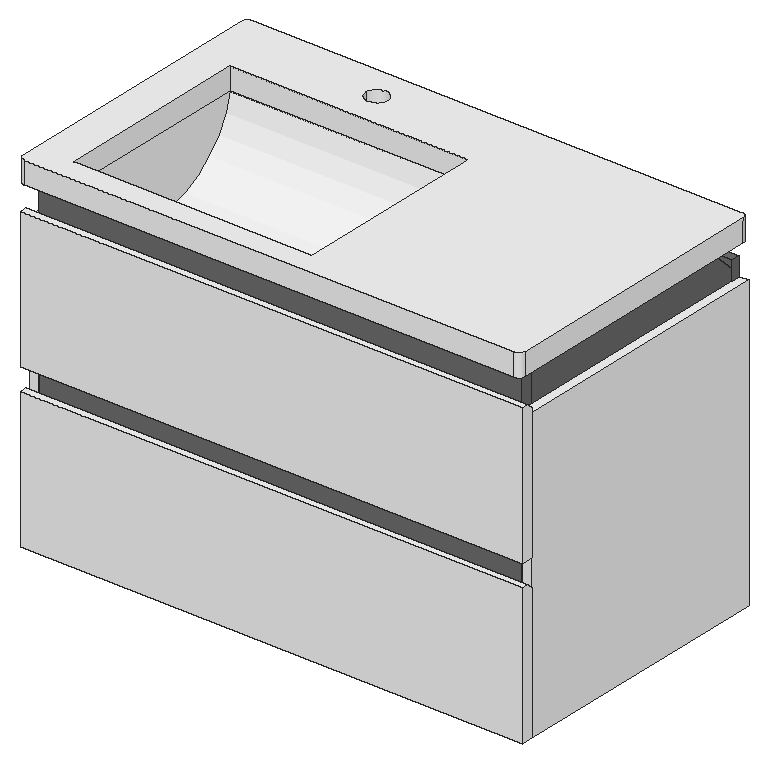
Revit family "138176861_Mueble Pontus Plus 80 cm con Lavamanos", category Furniture, Revit 2019
Family settings
  OmniClass Number = 23.31.13.11
  OmniClass Title = Single Sinks
  Work Plane-Based = No
  Always vertical = Yes
  Cut with Voids When Loaded = No
  Shared = No
  Room Calculation Point = No
Parameters
  URL = ""
  Resistencia a la humedad = "8%."  # constant formula
  Peso Neto aprox = "42,5 lb (19,3 kg)."  # constant formula
  Peso Bruto aprox = "52,0 lb (23,6 kg)."  # constant formula
  Model = "Pontus Plus 45"  # constant formula
  Material = Corona_Madera_Blanco
  Manufacturer = "Corona"  # constant formula
  Longitud = 450 mm
  Garantía Herraje = "1 Año"  # constant formula
  Garantía = "1 Año  (Madera)"  # constant formula
  Fecha de creación = "05/08/2020"  # constant formula
  Description = "Linea de Muebles Pontus Plus con acabado de pintura blanca brillante que da\r\nmayor amplitud a los espacios.\r\n· Dos cajones con 30Kg de resistencia.\r\n· Máxima capacidad de almacenamiento.\r\n· Lavamanos 100% en porcelana con superficie amplia de apoyo.\r\n· Resistentes a la humedad."  # constant formula
  Creado por = "IDD"  # constant formula
  Carga Máxima = "88,2 lb (40 kg)"  # constant formula
  Ancho = 800 mm
  Alto = 764 mm
  Acabado = Corona_Madera_Onix
Reference planes
  plane 1 "Center (Front/Back)": y = 0
  plane 2: z = 0
  plane 3 "Center (Left/Right)": x = 0
  plane 4 "Center L/S": x = 400
  plane 5 "Center L/T": x = -400
  plane 6 "Center L/U": y = -450
  plane 7 "Center L/V": x = -385
  plane 8 "Center L/W": x = 385
  plane 9 "Center L/Z": y = -432
  plane 10 "Center L/BB": y = -15
  plane 11 "Center L/CC": y = -225
  plane 12: z = 764
  plane 13: z = 257
  plane 14: z = 721
  plane 15: z = 242
  plane 16: z = 524
  plane 17: z = 424
  plane 18 "Center L/DD": x = 1
  plane 19 "Center L/EE": x = -1
  plane 20: z = 464
  plane 21: z = 499
  plane 22: z = 706
  plane 23: z = 736
  plane 24 "Center L/GG": y = -414
  plane 25 "Center L/HH": x = 370
  plane 26 "Center L/II": x = -370
Forms (mm)
  Extrusion 1, solid, not visible
    sketch origin (0, 0, -26) x (1, 0, 0) y (0, 0, 1)
      loop
        circle (-87.767, 550) r 10
    from 0 to 1
  Extrusion 2, solid, not visible
    sketch origin (-211, 0, -26) x (-1, 0, 0) y (0, 0, -1)
      loop
        circle (-298.767, -550) r 10
    from 0 to 1
  Extrusion 3, solid, not visible
    sketch origin (-87.767, 0, -126) x (-1, 0, 0) y (0, 0, -1)
      loop
        circle (-87.767, -550) r 10
    from 0 to 1
  Extrusion 4, solid, material "Corona_Madera_Blanco" <- "Material", detail levels medium+fine
    sketch origin (0, 0, 0) x (1, 0, 0) y (0, 1, 0)
      loop
        line (-400, 0) -> (-400, -432) -> (-385, -432) -> (-385, 0) -> (-400, 0)
    from 242 to 706
  Extrusion 5, solid, material "Corona_Madera_Blanco" <- "Material", detail levels medium+fine
    sketch origin (0, 0, 0) x (-1, 0, 0) y (0, -1, 0)
      loop
        line (-400, 0) -> (-385, 0) -> (-385, 432) -> (-400, 432) -> (-400, 0)
    from 242 to 706
  Extrusion 6, solid, material "Corona_Madera_Onix" <- "Acabado", detail levels medium+fine
    sketch origin (0, 0, 0) x (1, 0, 0) y (0, 1, 0)
      loop
        line (-385, 0) -> (-385, -15) -> (385, -15) -> (385, 0) -> (-385, 0)
    from 242 to 736
  Extrusion 7, solid, material "Corona_Madera_Blanco" <- "Material", detail levels medium+fine
    sketch origin (0, 0, 0) x (1, 0, 0) y (0, 1, 0)
      loop
        line (-385, -15) -> (-385, -432) -> (385, -432) -> (385, -15) -> (-385, -15)
    from 242 to 257
  Extrusion 8, solid, material "Corona_Madera_Blanco" <- "Material", detail levels coarse
    sketch origin (0, 0, 0) x (1, 0, 0) y (0, 1, 0)
      loop
        line (-400, 0) -> (-400, -450) -> (400, -450) -> (400, 0) -> (-400, 0)
    from 242 to 764
  Extrusion 9, solid, material "Corona_Porcelana_Sanitaria_Blanco", detail levels coarse
    sketch origin (0, 0, 0) x (1, 0, 0) y (0, 1, 0)
      loop
        line (-400, 0) -> (-400, -450) -> (400, -450) -> (400, 0) -> (-400, 0)
    from 764 to 799
  Extrusion 10, solid, material "Corona_Madera_Blanco" <- "Material", detail levels medium+fine
    sketch origin (0, 0, 0) x (0, 1, 0) y (0, 0, 1)
      loop
        line (-450, 242) -> (-432, 242) -> (-432, 457.273) -> (-438.727, 464) -> (-450, 464) -> (-450, 242)
      loop
        line (-450, 499) -> (-432, 499) -> (-432, 714.273) -> (-438.727, 721) -> (-450, 721) -> (-450, 499)
    from -400 to 400
  Extrusion 11, solid, material "Corona_Madera_Onix" <- "Acabado", detail levels medium+fine
    sketch origin (0, 0, 0) x (0, 1, 0) y (0, 0, 1)
      loop
        line (-414, 764) -> (-414, 706) -> (-15, 706) -> (-15, 724) -> (-55, 764) -> (-414, 764)
    from 370 to 385
  Extrusion 12, solid, material "Corona_Madera_Onix" <- "Acabado", detail levels medium+fine
    sketch origin (0, 0, 0) x (0, 1, 0) y (0, 0, -1)
      loop
        line (-414, -764) -> (-55, -764) -> (-15, -724) -> (-15, -706) -> (-414, -706) -> (-414, -764)
    from 370 to 385
  Extrusion 13, solid, material "Corona_Madera_Onix" <- "Acabado", detail levels medium+fine
    sketch origin (0, 0, 0) x (1, 0, 0) y (0, 1, 0)
      loop
        line (-385, -414) -> (-385, -432) -> (385, -432) -> (385, -414) -> (-385, -414)
    from 706 to 764
  Extrusion 14, solid, material "Corona_Madera_Onix" <- "Acabado", detail levels medium+fine
    sketch origin (0, 0, 0) x (1, 0, 0) y (0, 1, 0)
      loop
        line (-385, -414) -> (-385, -432) -> (385, -432) -> (385, -414) -> (-385, -414)
    from 457.273 to 499
Dimensions and locks
  equal spacing: plane 5 "Center L/T", plane 3 "Center (Left/Right)", plane 4 "Center L/S"
  "Ancho": plane 5 "Center L/T" to plane 4 "Center L/S"
  "Longitud": plane 6 "Center L/U" to plane 1 "Center (Front/Back)"
  plane 14 to plane 13 = 464 mm
  plane 12 to plane 15 = 522 mm
  locked: plane 13 to plane 15 at 15
  plane 12 to plane 14 = 43 mm
  "Alto": plane 12 to level
  locked: plane 7 "Center L/V" to plane 5 "Center L/T" at 15
  locked: plane 4 "Center L/S" to plane 8 "Center L/W" at 15
  plane 20 to plane 15 = 222 mm
  plane 21 to plane 20 = 35 mm
  plane 14 to plane 21 = 222 mm
  locked: plane 14 to plane 22 at 15
  locked: plane 23 to plane 14 at 15
  locked: plane 26 "Center L/II" to plane 7 "Center L/V" at 15
  locked: plane 8 "Center L/W" to plane 25 "Center L/HH" at 15
  aligned and locked: level to plane 2
  aligned and locked: Extrusion 4 sketch curve to plane 7 "Center L/V"
  aligned and locked: Extrusion 4 sketch curve to plane 9 "Center L/Z"
  aligned and locked: plane 5 "Center L/T" to Extrusion 4 sketch curve
  aligned and locked: plane 1 "Center (Front/Back)" to Extrusion 4 sketch curve
  aligned and locked: plane 9 "Center L/Z" to Extrusion 5
  aligned and locked: plane 4 "Center L/S" to Extrusion 5
  aligned and locked: Extrusion 5 to plane 8 "Center L/W"
  aligned and locked: Extrusion 5 to plane 1 "Center (Front/Back)"
  aligned and locked: Extrusion 6 sketch curve to plane 8 "Center L/W"
  aligned and locked: plane 1 "Center (Front/Back)" to Extrusion 6 sketch curve
  aligned and locked: Extrusion 6 sketch curve to plane 10 "Center L/BB"
  aligned and locked: plane 7 "Center L/V" to Extrusion 6 sketch curve
  aligned and locked: Extrusion 6 to plane 15
  aligned and locked: Extrusion 5 to plane 15
  aligned and locked: Extrusion 4 to plane 15
  aligned and locked: Extrusion 7 sketch curve to plane 8 "Center L/W"
  aligned and locked: plane 10 "Center L/BB" to Extrusion 7 sketch curve
  aligned and locked: plane 7 "Center L/V" to Extrusion 7 sketch curve
  aligned and locked: Extrusion 7 sketch curve to plane 9 "Center L/Z"
  aligned and locked: plane 13 to Extrusion 7
  aligned and locked: Extrusion 7 to plane 15
  aligned and locked: nested 1 to plane 12
  aligned and locked: plane 1 "Center (Front/Back)" to nested 1
  aligned and locked: Extrusion 8 sketch curve to plane 6 "Center L/U"
  aligned and locked: plane 5 "Center L/T" to Extrusion 8 sketch curve
  aligned and locked: plane 1 "Center (Front/Back)" to Extrusion 8 sketch curve
  aligned and locked: Extrusion 8 sketch curve to plane 4 "Center L/S"
  aligned and locked: plane 12 to Extrusion 8
  aligned and locked: Extrusion 8 to plane 15
  aligned and locked: Extrusion 9 to nested 1
  aligned and locked: Extrusion 9 to plane 12
  aligned and locked: plane 3 "Center (Left/Right)" to nested 2
  aligned and locked: plane 1 "Center (Front/Back)" to nested 2
  aligned and locked: plane 3 "Center (Left/Right)" to nested 3
  aligned and locked: nested 3 to plane 12
  aligned and locked: nested 4 to plane 11 "Center L/CC"
  aligned and locked: nested 4 to plane 12
  aligned and locked: plane 6 "Center L/U" to Extrusion 10 sketch curve
  aligned and locked: Extrusion 10 sketch curve to plane 15
  aligned and locked: Extrusion 10 sketch curve to plane 9 "Center L/Z"
  aligned and locked: plane 20 to Extrusion 10 sketch curve
  aligned and locked: Extrusion 8 to Extrusion 10 sketch curve
  aligned and locked: Extrusion 10 sketch curve to plane 21
  aligned and locked: Extrusion 10 sketch curve to Extrusion 5
  aligned and locked: plane 14 to Extrusion 10 sketch curve
  aligned and locked: plane 4 "Center L/S" to Extrusion 10
  aligned and locked: Extrusion 10 to plane 5 "Center L/T"
  aligned and locked: plane 23 to Extrusion 6
  aligned and locked: plane 22 to Extrusion 5
  aligned and locked: Extrusion 4 to Extrusion 5
  aligned and locked: Extrusion 11 sketch curve to plane 24 "Center L/GG"
  aligned and locked: Extrusion 11 sketch curve to plane 12
  aligned and locked: plane 22 to Extrusion 11 sketch curve
  aligned and locked: plane 10 "Center L/BB" to Extrusion 11 sketch curve
  aligned and locked: plane 8 "Center L/W" to Extrusion 11
  aligned and locked: Extrusion 11 to plane 25 "Center L/HH"
  aligned and locked: plane 26 "Center L/II" to Extrusion 12
  aligned and locked: plane 24 "Center L/GG" to Extrusion 12
  aligned and locked: Extrusion 12 to plane 7 "Center L/V"
  aligned and locked: Extrusion 12 to plane 10 "Center L/BB"
  aligned and locked: Extrusion 13 sketch curve to plane 8 "Center L/W"
  aligned and locked: plane 24 "Center L/GG" to Extrusion 13 sketch curve
  aligned and locked: Extrusion 13 sketch curve to plane 9 "Center L/Z"
  aligned and locked: plane 7 "Center L/V" to Extrusion 13 sketch curve
  aligned and locked: Extrusion 13 to Extrusion 12  (x2)
  aligned and locked: Extrusion 10 to Extrusion 14
  aligned and locked: plane 21 to Extrusion 14
  aligned and locked: plane 5 "Center L/T" to nested 1
Automatic sketch dimensions
  Extrusion 1 sketch curve to plane 16 = 0 mm
  Extrusion 1 sketch curve to plane 19 "Center L/EE" = 86.767 mm
  Extrusion 2 sketch curve to plane 16 = 0 mm
  plane 25 "Center L/HH" to Extrusion 2 sketch curve = 282.233 mm
  Extrusion 3 sketch curve to plane 3 "Center (Left/Right)" = 0 mm
  Extrusion 3 sketch curve to plane 17 = 0 mm
  Extrusion 5 sketch curve to plane 4 "Center L/S" = 0 mm
  Extrusion 5 sketch curve to plane 8 "Center L/W" = 0 mm
  plane 9 "Center L/Z" to Extrusion 5 sketch curve = 0 mm
  plane 1 "Center (Front/Back)" to Extrusion 5 sketch curve = 0 mm
  Extrusion 9 sketch curve to plane 5 "Center L/T" = 0 mm
  Extrusion 9 sketch curve to plane 4 "Center L/S" = 0 mm
  plane 6 "Center L/U" to Extrusion 9 sketch curve = 0 mm
  plane 1 "Center (Front/Back)" to Extrusion 9 sketch curve = 0 mm
  plane 9 "Center L/Z" to Extrusion 10 sketch curve = 6.727 mm  (x2)
  Extrusion 10 sketch curve to plane 20 = 6.727 mm
  Extrusion 10 sketch curve to plane 14 = 6.727 mm
  plane 10 "Center L/BB" to Extrusion 11 sketch curve = 40 mm
  plane 14 to Extrusion 11 sketch curve = 3 mm
  Extrusion 12 sketch curve to plane 12 = 0 mm
  Extrusion 12 sketch curve to plane 24 "Center L/GG" = 0 mm
  Extrusion 12 sketch curve to plane 10 "Center L/BB" = 0 mm
  Extrusion 12 sketch curve to plane 22 = 0 mm
  plane 10 "Center L/BB" to Extrusion 12 sketch curve = 40 mm
  plane 14 to Extrusion 12 sketch curve = 3 mm
  Extrusion 14 sketch curve to plane 7 "Center L/V" = 0 mm
  Extrusion 14 sketch curve to plane 8 "Center L/W" = 0 mm
  plane 9 "Center L/Z" to Extrusion 14 sketch curve = 0 mm
  plane 24 "Center L/GG" to Extrusion 14 sketch curve = 0 mm
  radius of Extrusion 1 sketch curve = 10 mm
  radius of Extrusion 2 sketch curve = 10 mm
  radius of Extrusion 3 sketch curve = 10 mm
Nested families
  nested 1: "Lavamanos pontus 60" at (1, 0, 799), type "Lavamanos pontus 60", detail levels medium+fine
  nested 2: "Planta3" at (0, 0, 0), type "Planta3"
  nested 3: "Front3" at (0, 0, 764) x (1, 0, 0) z (0, -1, 0), type "Front3"
  nested 4: "Rigth3" at (0, -225, 764) x (0, 1, 0) z (1, 0, 0), type "Rigth3"
Connectors
  piping at (87.767, 0, 524), diameter 12.7
    settings: on Extrusion 2, index 5, connector inside diameter 609.6 mm, connector length 0 mm, flow factor 0, pipe flow 0.0 L/s, pressure drop 0.0 Pa, fitting loss kfactor 0, connector angle 0.00°, fixture units 0, engagement length 0 mm, angle of deflection 0.00°, flow configuration 0, flow direction 0, fitting loss method 0, system type 20, joint type 0, gender type 0, connector reference index -1, connector utility 0, adjustable connector no, is connector primary yes, connector description ""
  piping at (-87.767, 0, 524), diameter 12.7
    settings: on Extrusion 1, index 6, connector inside diameter 609.6 mm, connector length 0 mm, flow factor 0, pipe flow 0.0 L/s, pressure drop 0.0 Pa, fitting loss kfactor 0, connector angle 0.00°, fixture units 0, engagement length 0 mm, angle of deflection 0.00°, flow configuration 0, flow direction 0, fitting loss method 0, system type 19, joint type 0, gender type 0, connector reference index -1, connector utility 0, adjustable connector no, is connector primary no, connector description ""
  piping at (0, 0, 424), diameter 38.1
    settings: on Extrusion 3, index 7, connector inside diameter 609.6 mm, connector length 0 mm, flow factor 0, pipe flow 0.0 L/s, pressure drop 0.0 Pa, fitting loss kfactor 0, connector angle 0.00°, fixture units 0, engagement length 0 mm, angle of deflection 0.00°, flow configuration 0, flow direction 0, fitting loss method 0, system type 16, joint type 0, gender type 0, connector reference index -1, connector utility 0, adjustable connector no, is connector primary no, connector description ""
Definition of nested family "Lavamanos pontus 60"
  Parameters (values of type "Lavamanos pontus 60")
    Material = none
    Longitud = 454 mm
    Ancho = 600 mm
  Reference planes
    plane 1 "Center (Front/Back)": y = 0
    plane 2: z = 0
    plane 3 "Center (Left/Right)": x = 0
    plane 4 "Center L/T": x = -401
    plane 5 "Center L/U": y = -454
    plane 6: z = -35
    plane 7: z = -165
    plane 8 "Center L/V": x = -341
    plane 9 "Center L/W": x = 39
    plane 10 "Center L/X": y = -419
    plane 11 "Center L/Y": y = -107
    plane 12 "Center L/S": x = 399
  Forms (mm)
    Extrusion 1, solid, material <- "Material"
      sketch origin (0, 0, 0) x (1, 0, 0) y (0, 1, 0)
        loop
          arc (-391, 0) -> (-398.071, -2.929) -> (-401, -10) r 10
          line (-401, -10) -> (-401, -444)
          arc (-401, -444) -> (-398.071, -451.071) -> (-391, -454) r 10
          line (-391, -454) -> (389, -454)
          arc (389, -454) -> (396.071, -451.071) -> (399, -444) r 10
          line (399, -444) -> (399, -10)
          arc (399, -10) -> (396.071, -2.929) -> (389, 0) r 10
          line (389, 0) -> (-391, 0)
        loop
          line (-341, -107) -> (-341, -419) -> (39, -419) -> (39, -107) -> (-341, -107)
      from 0 to -35
    Extrusion 2, solid, material <- "Material"
      sketch origin (0, 0, 0) x (1, 0, 0) y (0, 1, 0)
        loop
          line (54, -429) -> (54, -97) -> (-356, -97) -> (-356, -429) -> (54, -429)
      from -35 to -165
    Extrusion 3, void
      sketch origin (0, 0, 0) x (0, 1, 0) y (0, 0, 1)
        loop
          arc (-301.939, -157.11) -> (-380.852, -113.866) -> (-424.183, -35) r 160.826
          line (-424.183, -35) -> (-434.439, -35) -> (-434.439, -180) -> (-301.939, -180) -> (-301.939, -157.11)
        loop
          line (-224.061, -165) -> (-224.061, -180) -> (-91.561, -180) -> (-91.561, -35) -> (-101.85, -35)
          arc (-101.85, -35) -> (-144.89, -114.365) -> (-223.911, -158.034) r 160.826
          line (-223.911, -158.034) -> (-223.911, -165)
      from -401 to 81.952
    Extrusion 4, void
      sketch origin (0, 0, 0) x (0, 1, 0) y (0, 0, 1)
        loop
          line (-300.38, -153.903) -> (-225.62, -153.903) -> (-225.62, -149.131)
          arc (-225.62, -149.131) -> (-148.771, -110.385) -> (-107.249, -35) r 145.528
          line (-107.249, -35) -> (-418.082, -35)
          arc (-418.082, -35) -> (-376.804, -110.15) -> (-300.38, -149.016) r 145.528
          line (-300.38, -149.016) -> (-300.38, -153.903)
      from -341 to 39
    Extrusion 5, void
      sketch origin (0, 0, 0) x (1, 0, 0) y (0, 1, 0)
        loop
          circle (-150.039, -263.353) r 38.1
      from -185.771 to -135.263
    Extrusion 6, void
      sketch origin (0, 210, 0) x (1, 0, 0) y (0, 1, 0)
        loop
          circle (-150.039, -263.353) r 17.5
      from -52.513 to 13.257
  Cuts and joins
    Extrusion 3, Extrusion 4, Extrusion 6 cuts Extrusion 1
    Extrusion 3, Extrusion 4, Extrusion 5, Extrusion 6 cuts Extrusion 2
  Dimensions and locks
    plane 4 "Center L/T" to plane 12 "Center L/S" = 800 mm
    "Longitud": plane 5 "Center L/U" to plane 1 "Center (Front/Back)"
    plane 2 to plane 7 = 165 mm
    level to plane 6 = 35 mm
    plane 8 "Center L/V" to plane 9 "Center L/W" = 380 mm
    locked: plane 4 "Center L/T" to plane 8 "Center L/V" at 60
    plane 10 "Center L/X" to plane 11 "Center L/Y" = 312 mm
    locked: plane 5 "Center L/U" to plane 10 "Center L/X" at 35
    aligned and locked: level to plane 2
    aligned and locked: Extrusion 1 sketch curve to plane 5 "Center L/U"
    aligned and locked: plane 4 "Center L/T" to Extrusion 1 sketch curve
    aligned and locked: plane 1 "Center (Front/Back)" to Extrusion 1 sketch curve
    aligned and locked: Extrusion 1 sketch curve to plane 9 "Center L/W"
    aligned and locked: plane 11 "Center L/Y" to Extrusion 1 sketch curve
    aligned and locked: plane 8 "Center L/V" to Extrusion 1 sketch curve
    aligned and locked: Extrusion 1 sketch curve to plane 10 "Center L/X"
    aligned and locked: Extrusion 2 to plane 7
    aligned and locked: Extrusion 1 sketch curve to plane 12 "Center L/S"
  Automatic sketch dimensions
    plane 4 "Center L/T" to Extrusion 1 sketch curve = 10 mm  (x2)
    Extrusion 1 sketch curve to plane 12 "Center L/S" = 10 mm  (x2)
    Extrusion 2 sketch curve to plane 8 "Center L/V" = 15 mm
    plane 9 "Center L/W" to Extrusion 2 sketch curve = 15 mm
    plane 10 "Center L/X" to Extrusion 2 sketch curve = 10 mm
    Extrusion 2 sketch curve to plane 11 "Center L/Y" = 10 mm
    Extrusion 3 sketch curve to plane 6 = 0 mm  (x2)
    Extrusion 3 sketch curve to plane 7 = 0 mm  (x2)
    plane 10 "Center L/X" to Extrusion 3 sketch curve = 15.439 mm
    plane 10 "Center L/X" to Extrusion 3 sketch curve = 5.183 mm
    Extrusion 3 sketch curve to plane 7 = 15 mm  (x2)
    Extrusion 3 sketch curve to plane 10 "Center L/X" = 117.061 mm
    Extrusion 3 sketch curve to level = 0.082 mm
    Extrusion 3 sketch curve to plane 10 "Center L/X" = 151.806 mm
    Extrusion 3 sketch curve to level = 1.096 mm
    Extrusion 3 sketch curve to Extrusion 3 sketch curve = 8.132 mm
    Extrusion 3 sketch curve to Extrusion 3 sketch curve = 77.878 mm
    Extrusion 3 sketch curve to Extrusion 3 sketch curve = 0.15 mm
    Extrusion 3 sketch curve to plane 11 "Center L/Y" = 5.15 mm
    Extrusion 3 sketch curve to plane 11 "Center L/Y" = 15.439 mm
    Extrusion 4 sketch curve to plane 6 = 0 mm
    Extrusion 4 sketch curve to plane 10 "Center L/X" = 0.918 mm
    plane 7 to Extrusion 4 sketch curve = 11.097 mm
    Extrusion 4 sketch curve to plane 10 "Center L/X" = 118.62 mm
    Extrusion 4 sketch curve to level = 5.622 mm  (x2)
    Extrusion 4 sketch curve to plane 10 "Center L/X" = 143.45 mm
    Extrusion 4 sketch curve to Extrusion 4 sketch curve = 25.769 mm
    plane 7 to Extrusion 4 sketch curve = 15.869 mm
    Extrusion 4 sketch curve to Extrusion 4 sketch curve = 74.76 mm
    Extrusion 5 sketch curve to plane 3 "Center (Left/Right)" = 150.039 mm
    Extrusion 5 sketch curve to plane 10 "Center L/X" = 155.647 mm
    plane 1 "Center (Front/Back)" to Extrusion 6 sketch curve = 53.353 mm
    Extrusion 6 sketch curve to plane 3 "Center (Left/Right)" = 150.039 mm
    radius of Extrusion 5 sketch curve = 38.1 mm
    radius of Extrusion 6 sketch curve = 17.5 mm
  Nested families
    nested 1: "Canastilla" at (-150.015, -263.802, -179.217), type "Canastilla"
  Definition of nested family "Canastilla"
    Parameters (values of type "Canastilla")
      Material = none
    Reference planes
      plane 1 "Center (Front/Back)": y = 0
      plane 2: z = 0
      plane 3 "Center (Left/Right)": x = 0
    Forms (mm)
      Revolve 1, solid, material <- "Material"
        sketch origin (0, 0, 0) x (1, 0, 0) y (0, 0, 1)
          loop
            line (-26.595, 26.918) -> (-38.5, 26.918) -> (-38.5, 25.314) -> (-36.628, 25.314) -> (-36.628, 24.512) -> (-33.153, 24.512) -> (-33.153, 21.838) -> (-30.977, 15.519) -> (-28.87, 15.147) -> (-28.87, 11.939) -> (-27.713, 11.27) -> (-27.713, 9.934) -> (-26.865, 9.934) -> (-26.865, 7.388) -> (-17.652, 3.286) -> (-16.315, 3.286) -> (-15.184, 0) -> (0, 0) -> (0, 21.204) -> (-5.81, 21.204)
            arc (-5.81, 21.204) -> (-6.163, 21.058) -> (-6.31, 20.704) r 0.5
            line (-6.31, 20.704) -> (-6.31, 19.645)
            arc (-6.31, 19.645) -> (-6.163, 19.292) -> (-5.81, 19.145) r 0.5
            line (-5.81, 19.145) -> (-3.119, 19.145) -> (-3.119, 18.241) -> (-4.218, 18.241) -> (-4.821, 14.686) -> (-19.481, 14.686)
            arc (-19.481, 14.686) -> (-20.699, 15.099) -> (-21.413, 16.168) r 2
            line (-21.413, 16.168) -> (-23.698, 24.695)
            arc (-23.698, 24.695) -> (-24.769, 26.298) -> (-26.595, 26.918) r 3
          axis (0, 26.918) -> (0, 0)
        angle from 0 to 360
    Dimensions and locks
      aligned and locked: level to plane 2
      aligned and locked: Revolve 1 sketch curve to plane 3 "Center (Left/Right)"
      aligned and locked: Revolve 1 sketch curve to plane 2
Definition of nested family "Planta3"
  Parameters (values of type "Planta3")
    Longitud = 450 mm
    Ancho = 800 mm
  Reference planes
    plane 1 "Center (Front/Back)": y = 0
    plane 2: z = 0
    plane 3 "Center (Left/Right)": x = 0
    plane 4 "Center (F/C": x = 400
    plane 5 "Center (F/D": x = -400
    plane 6 "Center (F/E": y = -450
  Lines and regions (mm)
    detail lines, in view "Ref. Level"
      curve 1: line (-390, 0, 0) -> (390, 0, 0)
      curve 2: line (-400, -440, 0) -> (-400, -10, 0)
      curve 3: line (390, -450, 0) -> (-390, -450, 0)
      curve 4: line (400, -10, 0) -> (400, -440, 0)
      curve 5: arc (-400, -10, 0) -> (-397.071, -2.929, 0) -> (-390, 0, 0) r 10
      curve 6: arc (390, 0, 0) -> (397.071, -2.929, 0) -> (400, -10, 0) r 10
      curve 7: arc (400, -440, 0) -> (397.071, -447.071, 0) -> (390, -450, 0) r 10
      curve 8: arc (-390, -450, 0) -> (-397.071, -447.071, 0) -> (-400, -440, 0) r 10
      curve 9: line (-340, -101.85, 0) -> (-340, -424.183, 0)
      curve 10: line (39.75, -101.85, 0) -> (-340, -101.85, 0)
      curve 11: line (39.75, -424.183, 0) -> (39.75, -101.85, 0)
      curve 12: line (-340, -424.183, 0) -> (39.75, -424.183, 0)
      curve 13: line (-315, -101.85, 0) -> (-315, -131.85, 0)
      curve 14: line (-315, -424.183, 0) -> (-315, -394.183, 0)
      curve 15: arc (-315, -131.85, 0) -> (-302.642, -263.017, 0) -> (-315, -394.183, 0) r 702.248
      curve 16: line (14.75, -101.85, 0) -> (14.75, -131.85, 0)
      curve 17: line (14.75, -424.183, 0) -> (14.75, -394.183, 0)
      curve 18: arc (14.75, -131.85, 0) -> (2.392, -263.017, 0) -> (14.75, -394.183, 0) r 702.248
      curve 19: circle (-150.125, -263.017, 0) r 21.75 normal (0, 0, 1)
      curve 20: circle (-150.125, -48.017, 0) r 17.5 normal (0, 0, 1)
  Dimensions and locks
    equal spacing: plane 5 "Center (F/D", plane 3 "Center (Left/Right)", plane 4 "Center (F/C"
    "Ancho": plane 5 "Center (F/D" to plane 4 "Center (F/C"
    "Longitud": plane 6 "Center (F/E" to plane 1 "Center (Front/Back)"
    aligned and locked: curve 4 to plane 4 "Center (F/C"
    aligned and locked: curve 3 to plane 6 "Center (F/E"
    aligned and locked: plane 5 "Center (F/D" to curve 2
    aligned and locked: plane 1 "Center (Front/Back)" to curve 1
  Automatic sketch dimensions
    plane 5 "Center (F/D" to curve 3 = 10 mm
    plane 1 "Center (Front/Back)" to curve 5 = 10 mm
    curve 3 to plane 4 "Center (F/C" = 10 mm
    curve 1 to plane 4 "Center (F/C" = 10 mm
    curve 15 to plane 6 "Center (F/E" = 186.983 mm
    curve 15 to plane 5 "Center (F/D" = 604.89 mm
    curve 9 to plane 6 "Center (F/E" = 25.817 mm
    curve 8 to curve 9 = 50 mm
    curve 9 to curve 13 = 25 mm
    curve 9 to curve 14 = 25 mm
    curve 19 to plane 3 "Center (Left/Right)" = 150.125 mm
    curve 20 to plane 3 "Center (Left/Right)" = 150.125 mm
    curve 17 to plane 6 "Center (F/E" = 55.817 mm
    plane 3 "Center (Left/Right)" to curve 17 = 14.75 mm
    plane 3 "Center (Left/Right)" to curve 16 = 14.75 mm
    curve 17 to curve 11 = 25 mm
    curve 18 to plane 6 "Center (F/E" = 186.983 mm
    plane 4 "Center (F/C" to curve 18 = 304.64 mm
    curve 14 to curve 14 = 30 mm
    curve 19 to plane 6 "Center (F/E" = 186.983 mm
    curve 15 to curve 10 = 30 mm
    plane 1 "Center (Front/Back)" to curve 20 = 48.017 mm
    radius of curve 19 = 21.75 mm
    radius of curve 20 = 17.5 mm
Definition of nested family "Front3"
  Parameters (values of type "Front3")
    Longitud = 522 mm
    Ancho = 800 mm
  Reference planes
    plane 1 "Center (Front/Back)": y = 0
    plane 2: z = 0
    plane 3 "Center (Left/Right)": x = 0
    plane 4 "Center (F/C": x = 400
    plane 5 "Center (F/D": x = -400
    plane 6 "Center (F/E": y = -522
    plane 7 "Center (F/I": y = 35
    plane 8 "Center (F/J": y = -278
    plane 9 "Center (F/K": y = -243
    plane 10 "Center (F/L": y = -21
  Lines and regions (mm)
    detail lines, in view "Ref. Level"
      curve 1: line (-400, 0, 0) -> (400, 0, 0)
      curve 2: line (-400, -522, 0) -> (-400, -21, 0)
      curve 3: line (400, -522, 0) -> (-400, -522, 0)
      curve 4: line (400, -21, 0) -> (400, -522, 0)
      curve 5: line (-400, -21, 0) -> (400, -21, 0)
      curve 6: line (-400, 0, 0) -> (-400, 35, 0)
      curve 7: line (-400, 35, 0) -> (400, 35, 0)
      curve 8: line (400, 35, 0) -> (400, 0, 0)
      curve 9: line (-400, -278, 0) -> (400, -278, 0)
      curve 10: line (-400, -243, 0) -> (400, -243, 0)
      curve 11: line (-385, -243, 0) -> (-385, -278, 0)
      curve 12: line (385, -243, 0) -> (385, -278, 0)
      curve 13: line (-385, 0, 0) -> (-385, -21, 0)
      curve 14: line (385, 0, 0) -> (385, -21, 0)
  Dimensions and locks
    equal spacing: plane 5 "Center (F/D", plane 3 "Center (Left/Right)", plane 4 "Center (F/C"
    "Ancho": plane 5 "Center (F/D" to plane 4 "Center (F/C"
    "Longitud": plane 6 "Center (F/E" to plane 1 "Center (Front/Back)"
    aligned and locked: curve 4 to plane 4 "Center (F/C"
    aligned and locked: curve 3 to plane 6 "Center (F/E"
    aligned and locked: plane 5 "Center (F/D" to curve 2
    aligned and locked: plane 1 "Center (Front/Back)" to curve 1
  Automatic sketch dimensions
    plane 10 "Center (F/L" to curve 13 = 0 mm
    plane 8 "Center (F/J" to curve 11 = 0 mm
    plane 9 "Center (F/K" to curve 11 = 0 mm
    plane 7 "Center (F/I" to curve 6 = 0 mm
    plane 5 "Center (F/D" to curve 13 = 15 mm
    plane 5 "Center (F/D" to curve 11 = 15 mm
    curve 14 to plane 4 "Center (F/C" = 15 mm
    curve 12 to plane 4 "Center (F/C" = 15 mm
    curve 8 to plane 4 "Center (F/C" = 0 mm
    curve 1 to plane 5 "Center (F/D" = 0 mm
Definition of nested family "Rigth3"
  Parameters (values of type "Rigth3")
    Longitud = 522 mm
    Ancho = 450 mm
  Reference planes
    plane 1 "Center (Front/Back)": y = 0
    plane 2: z = 0
    plane 3 "Center (Left/Right)": x = 0
    plane 4 "Center (F/C": x = 225
    plane 5 "Center (F/D": x = -225
    plane 6 "Center (F/E": y = -522
    plane 7 "Center (F/I": y = 35
    plane 8 "Center (F/J": y = -300
    plane 9 "Center (F/K": y = -265
    plane 10 "Center (F/L": y = -43
  Lines and regions (mm)
    detail lines, in view "Ref. Level"
      curve 1: line (-225, 0, 0) -> (225, 0, 0)
      curve 2: line (-225, -522, 0) -> (-225, -300, 0)
      curve 3: line (225, -522, 0) -> (-225, -522, 0)
      curve 4: line (225, -8, 0) -> (225, -522, 0)
      curve 5: line (-225, -300, 0) -> (-217.5, -300, 0)
      curve 6: line (-210, -307.5, 0) -> (-210, -522, 0)
      curve 7: line (-210, -307.5, 0) -> (-210, 0, 0)
      curve 8: line (-225, 0, 0) -> (-225, 35, 0)
      curve 9: line (-225, 35, 0) -> (225, 35, 0)
      curve 10: line (225, 35, 0) -> (225, 0, 0)
      curve 11: line (-217.5, -300, 0) -> (-210, -307.5, 0)
      curve 12: line (-225, -265, 0) -> (-225, -43, 0)
      curve 13: line (-210, -265, 0) -> (-225, -265, 0)
      curve 14: line (-225, -43, 0) -> (-217.5, -43, 0)
      curve 15: line (-217.5, -43, 0) -> (-210, -50.5, 0)
      curve 16: line (-210, -43, 0) -> (-195, -43, 0)
      curve 17: line (-195, -43, 0) -> (225, -43, 0)
      curve 18: line (-195, -43, 0) -> (-195, 0, 0)
      curve 19: line (210, -43, 0) -> (210, -8, 0)
      curve 20: line (210, -21.5, 0) -> (188.5, 0, 0)
      curve 21: line (210, -8, 0) -> (225, -8, 0)
  Dimensions and locks
    equal spacing: plane 5 "Center (F/D", plane 3 "Center (Left/Right)", plane 4 "Center (F/C"
    "Ancho": plane 5 "Center (F/D" to plane 4 "Center (F/C"
    "Longitud": plane 6 "Center (F/E" to plane 1 "Center (Front/Back)"
    aligned and locked: curve 4 to plane 4 "Center (F/C"
    aligned and locked: curve 3 to plane 6 "Center (F/E"
    aligned and locked: plane 5 "Center (F/D" to curve 2
    aligned and locked: plane 1 "Center (Front/Back)" to curve 1
  Automatic sketch dimensions
    curve 1 to plane 5 "Center (F/D" = 0 mm
    curve 12 to plane 5 "Center (F/D" = 0 mm
    plane 10 "Center (F/L" to curve 14 = 0 mm
    plane 8 "Center (F/J" to curve 11 = 0 mm
    plane 9 "Center (F/K" to curve 13 = 0 mm
    plane 10 "Center (F/L" to curve 16 = 0 mm
    plane 7 "Center (F/I" to curve 9 = 0 mm
    curve 12 to curve 14 = 7.5 mm
    plane 5 "Center (F/D" to curve 11 = 7.5 mm
    curve 5 to curve 6 = 7.5 mm
    curve 14 to curve 16 = 22.5 mm
    plane 8 "Center (F/J" to curve 6 = 7.5 mm
    plane 5 "Center (F/D" to curve 7 = 15 mm
    curve 20 to plane 4 "Center (F/C" = 36.5 mm
    curve 19 to plane 4 "Center (F/C" = 15 mm
    plane 10 "Center (F/L" to curve 15 = 7.5 mm
    curve 19 to curve 20 = 21.5 mm
    plane 1 "Center (Front/Back)" to curve 21 = 8 mm
    curve 1 to plane 4 "Center (F/C" = 0 mm
